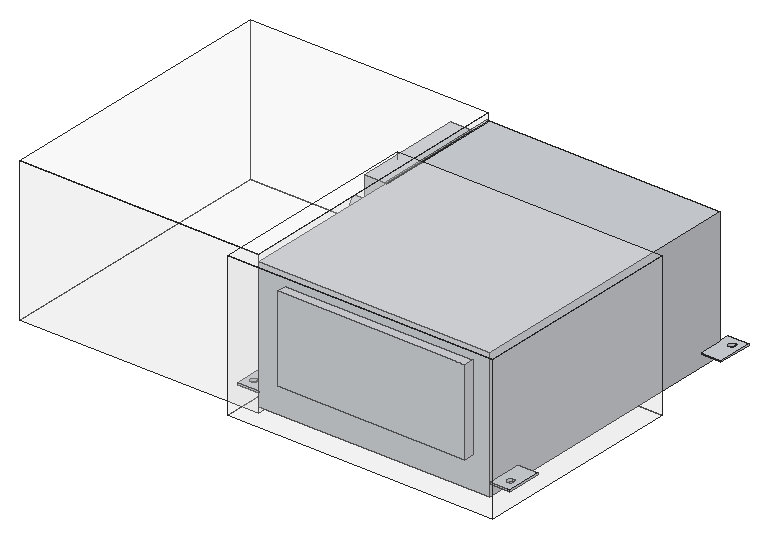
Revit family "pefy-mp45_160m_50Hz", category 機械設備, Revit 2019
Family settings
  丸型コネクタ寸法 = 直径を使用
  パーツ タイプ = 標準
  OmniClass 番号 = 23.75.10.24.21.27.27
  OmniClass タイトル = Split System Air Conditioning Units
  作業面ベース = いいえ
  常に垂直 = はい
  ロード時にボイドで切り取り = いいえ
  共有 = いいえ
  部屋計算ポイント = はい
Parameters (values of type "PEFY-MP45M")
  風量（弱）（m3／min） = 10
  風量（中）（m3／min） = 12
  風量（m3／min） = 14
  風量 = MAX風量  # 840.0 m³/h
  音響パワーレベル（弱）(dB) = 52
  音響パワーレベル（中）(dB) = 57
  音響パワーレベル(dB) = 62
  電源種別 = ""
  電源_H = 0 mm
  電圧_電気ヒーター = 0 V
  電圧 = 200 V
  電動機出力_送風機 = 0.121 kW
  運転質量 = 0.00 kg
  連動 = ""
  質量 = if(製品質量 > 運転質量, 製品質量, 運転質量) * 1.2  # 38.40 kg
  負荷分類 = 3_ファン類
  説明 = "ビル用マルチエアコン　天井埋込形室内機"
  設計暖房能力 = 0.00 kW
  設計冷房能力_顕熱 = 0 kW
  設計冷房能力 = 0 kW
  設置方法 = "天井吊（隠ぺい）形"
  記号 = ""
  製造元 = "三菱電機株式会社"
  製品質量 = 32.00 kg
  製品出荷対象 = "国内"
  製品リリース年月 = "2024/9/30"
  製品グループ = ""
  系統 = ""
  符号 = "ACP_CID"
  積算_科目 = "1 空気調和設備"
  積算_拾い区分 [instance] = ""
  相_電気ヒーター = 1
  相 = 1
  盤記号 = ""
  発停方法 = "付属スイッチ"
  特殊仕様 = ""
  点検口離隔 [instance] = if(点検口離隔入力値 > 200 mm, 200 mm, if(点検口離隔入力値 < 150 mm, 150 mm, 点検口離隔入力値))  # 150 mm
  点検口離隔入力値 [instance] = 150 mm
  点検口設置範囲 = 700 mm
  点検口位置 = 200 mm
  点検口 = yes
  火災停止 = ""
  消費電力_電気ヒーター = 0.00 kW
  消費電力_暖房 = 0.10 kW
  消費電力_加湿器 = 0.00 kW
  消費電力_冷房 = 0.10 kW
  消費電力 = if(消費電力_冷房 > 消費電力_暖房, 消費電力_冷房, 消費電力_暖房) + 消費電力_加湿器 + 消費電力_電気ヒーター  # 0.10 kW
  法定耐用年数 = "15"
  機外静圧 = 100.0 Pa
  極数 = 1
  材質 = ""
  本体マテリアル = none
  有効加湿量 = 0
  暖房能力 = 5.00 kW
  形式_加湿器 = ""
  形式 = "天井吊（隠ぺい）形（両ダクト形）"
  幹線記号 = ""
  始動方式 = "直入"
  呼称 = "室内機_天井吊（隠ぺい）形（両ダクト形）"
  周波数 = 50 Hz
  吊り幅 = if(Depth = 900 mm, 60 mm, 61 mm)  # 60 mm
  吊り位置Y = 814 mm
  吊り位置X = 754 mm
  吊りボルト_H = 41 mm  # constant formula
  台数_手元リモコン = ""
  台数_冷媒分岐ユニット = ""
  参照している仕様書等のバージョン = "公共建築工事標準仕様書（機械設備工事編）平成31年度版"
  加湿給水管径 = 0 mm
  分類コード = "50053003221070"
  分類グループ = ""
  冷房能力 = 4.5 kW
  冷媒高低圧ガス管径 = 0 mm
  冷媒管径符号 = "Ac"
  冷媒管径 = 100 mm
  冷媒液管径 = 6.35 mm
  冷媒液管_縦 = 58 mm
  冷媒液管_横 = 69 mm
  冷媒ガス管径 = 12.7 mm
  冷媒ガス管_縦 = 143 mm
  冷媒ガス管_横 = 187 mm
  企業コード = "108420"
  付属品_フィルター = ""
  付属品 = ""
  仕様書バージョン = "Version1.0"
  モデル = "PEFY-MP45M"
  ドレン管径 = 32 mm
  ドレン管_縦 = 326.5 mm
  ドレン管_横 = 430 mm
  サービススペース = yes
  コメント [instance] = ""
  ケーブル種類 = ""
  ケーブルサイズ = 1.6 mm
  Width = 745 mm
  Version = ""
  Uniclass2015Version = "Systems v1.9"
  Uniclass2015Title = "Split coil remote air cooled condensing units"
  Uniclass2015Code = "Pr_70_65_03_84"
  URL = "https://www.mitsubishielectric.co.jp/ldg/wink/qr/002/335196/"
  SpecificationReference = ""
  SpecificationDescription = ""
  S_H = Height + 20 mm  # 400 mm
  SAサイズ_W = 550 mm
  SAサイズ_D = 250 mm
  Revision = ""
  RAサイズ_W = 600 mm
  RAサイズ_D = 340 mm
  ProductInformation = ""
  OmniClassCode = "23-751024212727"
  MIN風量 = 風量（弱）（m3／min） * 60.0 m³/h  # 600.0 m³/h
  MID風量 = 風量（中）（m3／min） * 60.0 m³/h  # 720.0 m³/h
  MAX風量 = 風量（m3／min） * 60.0 m³/h  # 840.0 m³/h
  IfcTypeProduct = ""
  IfcProduct = ""
  IfcExportType = "AIRCONDITIONINGUNIT"
  IfcExportAs = "IfcUnitaryEquipmentType"
  Height = 380 mm
  Depth = 900 mm
  Clearance Top = 20 mm  # constant formula
  Clearance Right = 50 mm  # constant formula
  Clearance Left = if(Width = 745 mm, 730 mm, if(Width = 1030 mm, 1015 mm, if(Width = 1195 mm, 1180 mm, 1300 mm)))  # 730 mm
  Clearance Front = if(Depth = 900 mm, 575 mm, 650 mm)  # 575 mm
  Clearance Bottom = 20 mm  # constant formula
  Clearance Back = 50 mm  # constant formula
  Author = "三菱電機株式会社"
Types (8, lengths in mm): name | 風量（弱）（m3／min） | 風量（中）（m3／min） | 風量（m3／min） | 風量 | 音響パワーレベル（弱）(dB) | 音響パワーレベル（中）(dB) | 音響パワーレベル(dB) | 電動機出力_送風機 | 質量 | 製品質量 | 消費電力_暖房 | 消費電力_冷房 | 消費電力 | 暖房能力 | 吊り位置X | 冷房能力 | 冷媒管径符号 | 冷媒液管径 | 冷媒ガス管径 | モデル | Width | URL | SAサイズ_W | RAサイズ_W | MIN風量 | MID風量 | MAX風量 | Clearance Left
  PEFY-MP45M | 10 | 12 | 14 | 840.0 m³/h | 52 | 57 | 62 | 0.121 kW | 38.40 kg | 32.00 kg | 0.10 kW | 0.10 kW | 0.10 kW | 5.00 kW | 754 | 4.5 kW | "Ac" | 6.35 | 12.7 | "PEFY-MP45M" | 745 | "https://www.mitsubishielectric.co.jp/ldg/wink/qr/002/335196/" | 550 | 600 | 600.0 m³/h | 720.0 m³/h | 840.0 m³/h | 730
  PEFY-MP56M | 10 | 12 | 14 | 840.0 m³/h | 52 | 57 | 62 | 0.121 kW | 38.40 kg | 32.00 kg | 0.10 kW | 0.10 kW | 0.10 kW | 6.30 kW | 754 | 5.6 kW | "Ac" | 6.35 | 12.7 | "PEFY-MP56M" | 745 | "https://www.mitsubishielectric.co.jp/ldg/wink/qr/002/335197/" | 550 | 600 | 600.0 m³/h | 720.0 m³/h | 840.0 m³/h | 730
  PEFY-MP71M | 13.5 | 16 | 19 | 1140.0 m³/h | 56 | 61 | 66 | 0.121 kW | 38.40 kg | 32.00 kg | 0.15 kW | 0.15 kW | 0.15 kW | 8.00 kW | 754 | 7.1 kW | "Bd" | 9.52 | 15.88 | "PEFY-MP71M" | 745 | "https://www.mitsubishielectric.co.jp/ldg/wink/qr/002/335198/" | 550 | 600 | 810.0 m³/h | 960.0 m³/h | 1140.0 m³/h | 730
  PEFY-MP80M | 15.5 | 18 | 22 | 1320.0 m³/h | 55 | 58 | 64 | 0.244 kW | 51.60 kg | 43.00 kg | 0.15 kW | 0.15 kW | 0.15 kW | 9.00 kW | 1039 | 8 kW | "Bd" | 9.52 | 15.88 | "PEFY-MP80M" | 1030 | "https://www.mitsubishielectric.co.jp/ldg/wink/qr/002/335199/" | 835 | 885 | 930.0 m³/h | 1080.0 m³/h | 1320.0 m³/h | 1015
  PEFY-MP90M | 18 | 21.5 | 25 | 1500.0 m³/h | 55 | 60 | 65 | 0.244 kW | 51.60 kg | 43.00 kg | 0.17 kW | 0.17 kW | 0.17 kW | 10.00 kW | 1039 | 9 kW | "Bd" | 9.52 | 15.88 | "PEFY-MP90M" | 1030 | "https://www.mitsubishielectric.co.jp/ldg/wink/qr/002/335200/" | 835 | 885 | 1080.0 m³/h | 1290.0 m³/h | 1500.0 m³/h | 1015
  PEFY-MP112M | 26.5 | 32 | 38 | 2280.0 m³/h | 60 | 65 | 69 | 0.375 kW | 60.00 kg | 50.00 kg | 0.30 kW | 0.30 kW | 0.30 kW | 12.50 kW | 1204 | 11.2 kW | "Bd" | 9.52 | 15.88 | "PEFY-MP112M" | 1195 | "https://www.mitsubishielectric.co.jp/ldg/wink/qr/002/335201/" | 1000 | 1050 | 1590.0 m³/h | 1920.0 m³/h | 2280.0 m³/h | 1180
  PEFY-MP140M | 28 | 34 | 45.5 | 2730.0 m³/h | 61 | 65 | 73 | 0.375 kW | 60.00 kg | 50.00 kg | 0.41 kW | 0.41 kW | 0.41 kW | 16.00 kW | 1204 | 14 kW | "Bd" | 9.52 | 15.88 | "PEFY-MP140M" | 1195 | "https://www.mitsubishielectric.co.jp/ldg/wink/qr/002/335162/" | 1000 | 1050 | 1680.0 m³/h | 2040.0 m³/h | 2730.0 m³/h | 1180
  PEFY-MP160M | 28 | 34 | 45.5 | 2730.0 m³/h | 62 | 67 | 74 | 0.375 kW | 62.40 kg | 52.00 kg | 0.43 kW | 0.43 kW | 0.43 kW | 18.00 kW | 1204 | 16 kW | "Bd" | 9.52 | 15.88 | "PEFY-MP160M" | 1195 | "https://www.mitsubishielectric.co.jp/ldg/wink/qr/002/335161/" | 1000 | 1050 | 1680.0 m³/h | 2040.0 m³/h | 2730.0 m³/h | 1180
Reference planes
  plane 1 "中心(正面/背面)": y = -138.467
  plane 2: z = 0
  plane 3 "中心(左/右)": x = 140.396
  plane 4: z = 380
  plane 5: z = 400
  plane 6: x = 517.396
  plane 7: x = -236.604
  plane 8: y = -528.467
  plane 9: y = 285.533
  plane 10: y = -588.467
  plane 11: y = 311.533
  plane 12: x = 480.396
  plane 13: x = -264.604
  plane 14: z = -20
  plane 15: x = 540.396
  plane 16: y = -559.467
  plane 17: y = 287.533
  plane 18: y = -135.967
  plane 19: y = -362.467
  plane 20: y = 87.533
  plane 21: x = -199.604
  plane 22: x = -349.604
  plane 23: x = -899.604
  plane 24: z = 400
  plane 25: x = -249.604
  plane 26: y = -609.467
  plane 27: x = 530.396
  plane 28: y = 15.533
Lines and regions (mm)
  symbolic lines, detail levels coarse+medium
    curve 1: line (480.396, 287.533, 0) -> (-199.604, 287.533, 0)
    curve 2: line (480.396, -559.467, 0) -> (480.396, 287.533, 0)
    curve 3: line (-199.604, -559.467, 0) -> (480.396, -559.467, 0)
    curve 4: line (-199.604, 287.533, 0) -> (-199.604, -559.467, 0)
Dimensions and locks
  "S_H": plane 5 to level
  "吊り位置X": plane 6 to plane 7
  "吊り位置Y": plane 9 to plane 8
  equal spacing: plane 11, plane 1 "中心(正面/背面)", plane 10
  "Depth": plane 11 to plane 10
  "Width": plane 12 to plane 13
  "Clearance Bottom": level to plane 14
  locked: plane 8 to plane 10 at 60
  "吊り幅": plane 15 to plane 12
  locked: plane 15 to plane 6 at 23
  "Height": plane 4 to level
  locked: plane 11 to plane 17 at 24
  locked: plane 16 to plane 10 at 29
  locked: plane 20 to plane 19 at 450
  equal spacing: plane 17, plane 18, plane 16
  plane 21 to plane 7 = 37 mm
  "点検口離隔": plane 21 to plane 22
  "点検口設置範囲": plane 21 to plane 23
  "Clearance Top": plane 24 to plane 4
  "Clearance Back": plane 16 to plane 26
  "Clearance Right": plane 21 to plane 25
  "Clearance Front": plane 28 to plane 16
  "Clearance Left": plane 27 to plane 21
  "点検口位置": plane 17 to plane 20
  equal spacing: plane 6, plane 3 "中心(左/右)", plane 7
  equal spacing: plane 12, plane 3 "中心(左/右)", plane 21
  aligned and locked: level to plane 2
  aligned and locked: nested 3 to plane 6
  aligned and locked: nested 3 to plane 7
  aligned and locked: plane 8 to nested 3
  aligned and locked: nested 3 to plane 9
  aligned and locked: nested 4 to plane 3 "中心(左/右)"
  aligned and locked: plane 1 "中心(正面/背面)" to nested 4
  aligned and locked: plane 19 to nested 2
  aligned and locked: plane 20 to nested 2
  aligned and locked: nested 2 to plane 23
  aligned and locked: nested 2 to plane 22
  aligned and locked: plane 24 to nested 1
  aligned and locked: plane 24 to nested 5
  aligned and locked: plane 14 to nested 1
  aligned and locked: plane 14 to nested 5
  aligned and locked: nested 1 to plane 16
  aligned and locked: nested 1 to plane 17
  aligned and locked: nested 1 to plane 23
  aligned and locked: nested 1 to plane 21
  aligned and locked: nested 5 to plane 26
  aligned and locked: nested 5 to plane 28
  aligned and locked: nested 5 to plane 25
  aligned and locked: nested 5 to plane 27
  aligned and locked: curve 1 to nested 4
  aligned and locked: curve 2 to nested 4
  aligned and locked: curve 3 to nested 4
  aligned and locked: curve 4 to nested 1
Nested families
  nested 1: "サービススペース" at (-549.604, -135.967, 190) x (-1, 0, 0) z (0, 0, 1), visible <- "サービススペース", type "サービススペース"
    with Width 700 mm, Height 420 mm, Depth 847 mm
  nested 2: "点検口設置範囲" at (-624.604, -137.467, 0) x (-1, 0, 0) z (0, 0, 1), visible <- "点検口", type "点検口設置範囲"
    with Width 550 mm, Depth 450 mm
  nested 3: "固定点" at (517.396, 285.533, 0) x (-1, 0, 0) z (0, 0, 1), type "固定点"
    with W 754 mm, D 814 mm
  nested 4: "PEFY-MP_M" at (312.896, -138.467, 0) x (0, -1, 0) z (0, 0, 1), type "PEFY-MP_M"
    with 制御ボクス yes, ユニット表示 yes
  nested 5: "サービススペース" at (140.396, -296.967, 190) x (-1, 0, 0) z (0, 0, 1), visible <- "サービススペース", type "サービススペース"
    with Width 780 mm, Height 420 mm, Depth 625 mm
Connectors
  hvac at (155.396, -588.467, 219), driven by "SAサイズ_D", driven by "SAサイズ_W", driven by "機外静圧", driven by "風量"
    settings: on nested 4, index 1, duct flow 840.0 m³/h, flow factor 0, pres drop 100.0 Pa, loss coef 0, conn angle 0.00°, conn width 550 mm, conn height 250 mm, conn diameter 609.6 mm, duct sys type 1, conn prof type 1, flow config 0, flow direction 2, loss method 4, conn ref index -1, conn util no, is conn primary yes, conn desc ""
  hvac at (140.396, 311.533, 186), driven by "RAサイズ_D", driven by "RAサイズ_W", driven by "風量"
    settings: on nested 4, index 2, duct flow 840.0 m³/h, flow factor 0, pres drop 0.0 Pa, loss coef 0, conn angle 0.00°, conn width 600 mm, conn height 340 mm, conn diameter 609.6 mm, duct sys type 2, conn prof type 1, flow config 0, flow direction 1, loss method 4, conn ref index -1, conn util no, is conn primary no, conn desc ""
  piping at (-264.604, -337.967, 172), diameter 100, driven by "冷媒管径", driven by "冷媒管径符号"
    settings: on nested 4, index 3, connector inside diameter 609.6 mm, connector length 0 mm, flow factor 0, pipe flow 0.0 L/s, pressure drop 0.0 Pa, fitting loss kfactor 0, connector angle 0.00°, fixture units 0, engagement length 0 mm, angle of deflection 0.00°, flow configuration 1, flow direction 1, fitting loss method 4, system type 7, joint type 0, gender type 0, connector reference index -1, connector utility 0, adjustable connector no, is connector primary yes, connector description "Ac"
  piping at (-261.604, -129.467, 326.5), diameter 32, driven by "ドレン管径"
    settings: on nested 4, index 4, connector inside diameter 609.6 mm, connector length 0 mm, flow factor 0, pipe flow 0.0 L/s, pressure drop 0.0 Pa, fitting loss kfactor 0, connector angle 0.00°, fixture units 0, engagement length 0 mm, angle of deflection 0.00°, flow configuration 1, flow direction 2, fitting loss method 4, system type 16, joint type 0, gender type 0, connector reference index -1, connector utility 0, adjustable connector no, is connector primary no, connector description ""
  electrical at (-209.604, 117.533, 60), driven by "極数", driven by "負荷分類", driven by "電圧", driven by "消費電力"
    settings: on nested 4, index 5, voltage 200 V, apparent load 100 VA, apparent load phase1 0 VA, apparent load phase2 0 VA, apparent load phase3 0 VA, power factor 1, load classification "3_ファン類", number of poles 1, system type 30, power factor state 1, is connector primary yes, connector utility no, sub classification motor no, connector description ""
  piping at (-219.604, -214.967, 30), diameter 32, driven by "ドレン管径"
    settings: on nested 4, index 6, connector inside diameter 609.6 mm, connector length 0 mm, flow factor 0, pipe flow 0.0 L/s, pressure drop 0.0 Pa, fitting loss kfactor 0, connector angle 0.00°, fixture units 0, engagement length 0 mm, angle of deflection 0.00°, flow configuration 1, flow direction 2, fitting loss method 4, system type 16, joint type 0, gender type 0, connector reference index -1, connector utility 0, adjustable connector no, is connector primary no, connector description ""
Definition of nested family "サービススペース"
  Parameters (values of type "サービススペース")
    Width [instance] = 500 mm
    Height [instance] = 500 mm
    Depth [instance] = 500 mm
  Reference planes
    plane 1 "中心(正面/背面)": y = 0
    plane 2: z = 0
    plane 3 "中心(左/右)": x = 0
    plane 4: y = -250
    plane 5: x = 250
    plane 6: y = 250
    plane 7: x = -250
    plane 8: z = 250
    plane 9: z = -250
  Forms (mm)
    Extrusion 1, solid
      sketch origin (-638.939, 0, 72.39) x (1, 0, 0) y (0, 1, 0)
        loop
          line (388.939, 250) -> (388.939, -250) -> (888.939, -250) -> (888.939, 250) -> (388.939, 250)
      from -322.39 to 177.61
  Lines and regions (mm)
    symbolic lines
      curve 1: line (-250, 0, 250) -> (250, 0, 250)
      curve 2: line (-250, 0, -250) -> (-250, 0, 250)
      curve 3: line (250, 0, -250) -> (-250, 0, -250)
      curve 4: line (250, 0, 250) -> (250, 0, -250)
      curve 5: line (0, -250, 250) -> (0, 250, 250)
      curve 6: line (0, -250, -250) -> (0, -250, 250)
      curve 7: line (0, 250, -250) -> (0, -250, -250)
      curve 8: line (0, 250, 250) -> (0, 250, -250)
      curve 9: line (-250, 250, 0) -> (250, 250, 0)
      curve 10: line (-250, -250, 0) -> (-250, 250, 0)
      curve 11: line (250, -250, 0) -> (-250, -250, 0)
      curve 12: line (250, 250, 0) -> (250, -250, 0)
  Dimensions and locks
    equal spacing: plane 7, plane 3 "中心(左/右)", plane 5
    equal spacing: plane 4, plane 1 "中心(正面/背面)", plane 6
    "Depth": plane 4 to plane 6
    "Width": plane 7 to plane 5
    equal spacing: plane 8, plane 2, plane 9
    "Height": plane 8 to plane 9
    aligned and locked: plane 9 to curve 3
    aligned and locked: plane 7 to curve 2
    aligned and locked: curve 4 to plane 5
    aligned and locked: plane 5 to Extrusion 1
    aligned and locked: Extrusion 1 to plane 7
    aligned and locked: Extrusion 1 to plane 9
    aligned and locked: plane 8 to Extrusion 1
    aligned and locked: plane 9 to curve 7
  Automatic sketch dimensions
    plane 4 to Extrusion 1 sketch curve = 0 mm
    Extrusion 1 sketch curve to plane 7 = 0 mm
    Extrusion 1 sketch curve to plane 5 = 0 mm
    plane 6 to Extrusion 1 sketch curve = 0 mm
    curve 2 to plane 8 = 0 mm
    plane 4 to curve 11 = 0 mm
    curve 11 to plane 7 = 0 mm
    curve 11 to plane 5 = 0 mm
    plane 6 to curve 10 = 0 mm
    curve 7 to plane 4 = 0 mm
    curve 7 to plane 6 = 0 mm
    curve 6 to plane 8 = 0 mm
Definition of nested family "PEFY-MP_M"
  Parameters (values of type "PEFY-MP○○○M")
    配線取出口サイズ = 36 mm
    配線取出口-Z = 60 mm  # constant formula
    配線取出口-Y = 10 mm  # constant formula
    配線取出口-X = 50 mm  # constant formula
    制御ボクス [instance] = and(ユニット表示, 幅さ = 900 mm)  # yes
    冷媒液配管サイズ = 6.35 mm
    y = if(幅さ = 900 mm, 65 mm, 0 mm)  # 65 mm
    e = if(幅さ = 900 mm, 80 mm, 100 mm)  # 80 mm
    d = if(幅さ = 900 mm, 40 mm, 102 mm)  # 40 mm
    R2 = 250 mm
    R1 = if(幅さ = 900 mm, 94 mm, 105 mm)  # 94 mm
    L2 = 340 mm
    L1 = if(幅さ = 900 mm, 16 mm, 20 mm)  # 16 mm
    E = 550 mm
    C = 680 mm
    A = if(奥行き = 745 mm, 800 mm, if(奥行き = 1030 mm, 1085 mm, if(奥行き = 1195 mm, 1250 mm, 1372 mm)))  # 800 mm
    高さ = 380 mm
    奥行き = 745 mm
    吊りボルト_H = 167 mm
    冷媒配管 = 100 mm
    冷媒液管径-Z = 58 mm
    冷媒液管径-X = 69 mm
    冷媒ガス管径-Z = 143 mm
    冷媒ガス管径-X = 187 mm
    ユニット表示 [instance] = yes
    吊りボルトピッチ = 814 mm
    ドレン配管サイズ = 32 mm
    ドレン管径-Z = 326.5 mm
    ドレン管径-Y = 10 mm  # constant formula
    ドレン管径-X = 430 mm
    冷媒ガス配管サイズ = 12.7 mm
    D = 600 mm
    幅さ = 900 mm
    B = 754 mm
  Reference planes
    plane 1 "中心(正面/背面)": y = -172.5
    plane 2: z = 0
    plane 3 "中心(左/右)": x = 0
    plane 4: z = 380
    plane 5: z = -20
    plane 6: x = -450
    plane 7: x = 450
    plane 8: y = -572.5
    plane 9: z = 400
    plane 10: y = 167.5
    plane 11: y = -512.5
    plane 12: x = -426
    plane 13: x = 421
    plane 14: z = 41
    plane 15: z = 36
    plane 16: y = 117.5
    plane 17: y = -432.5
    plane 18: y = 127.5
    plane 19: y = -472.5
    plane 20: y = 204.5
    plane 21: z = 356
    plane 22: z = 16
    plane 23: z = 94
    plane 24: z = 344
    plane 25: y = -577.5
    plane 26: x = -366
    plane 27: x = -306
    plane 28: z = 120
    plane 29: z = 170
    plane 30: y = -517.5
    plane 31: x = -454
    plane 32: x = 390
    plane 33: x = -424
    plane 34: x = -354
    plane 35: x = 321
    plane 36: y = 227.5
    plane 37: y = -549.5
    plane 38: y = -577.5
    plane 39: x = 234
    plane 40: z = 143
    plane 41: x = 165
    plane 42: z = 201
    plane 43: x = 199.5
    plane 44: z = 172
    plane 45: x = -9
    plane 46: x = -50
    plane 47: z = 326.5
    plane 48: x = -256
    plane 49: z = 60
    plane 50: z = 30
    plane 51: x = 76.5
  Forms (mm)
    Extrusion 1, solid, visible <- "ユニット表示", detail levels fine
      sketch origin (0, 0, 0) x (1, 0, 0) y (0, 1, 0)
        loop
          line (-426, 167.5) -> (-426, -512.5) -> (421, -512.5) -> (421, 167.5) -> (-426, 167.5)
      from 0 to 380
    Extrusion 2, solid, visible <- "ユニット表示", detail levels fine
      sketch origin (0, 0, 0) x (1, 0, 0) y (0, 1, 0)
        loop
          line (-450, 127.5) -> (-450, -472.5) -> (-426, -472.5) -> (-426, 127.5) -> (-450, 127.5)
      from 16 to 356
    Extrusion 3, solid, visible <- "ユニット表示", detail levels fine
      sketch origin (0, 0, 0) x (1, 0, 0) y (0, 1, 0)
        loop
          line (450, 117.5) -> (421, 117.5) -> (421, -432.5) -> (450, -432.5) -> (450, 117.5)
      from 94 to 344
    Extrusion 4, solid, visible <- "ユニット表示", detail levels fine
      sketch origin (1480.036, -512.5, 1200) x (1, 0, 0) y (0, 0, 1)
        loop
          line (-1906.036, -820) -> (-1906.036, -1080) -> (-1786.036, -1200) -> (-1530.036, -1200) -> (-1530.036, -820) -> (-1906.036, -820)
      from 0 to 5
    Extrusion 5, solid, visible <- "制御ボクス", detail levels fine
      sketch origin (1480.036, -517.5, 1200) x (1, 0, 0) y (0, 0, 1)
        loop
          line (-1786.036, -1030) -> (-1786.036, -1184) -> (-1530.036, -1184) -> (-1530.036, -820) -> (-1846.036, -820) -> (-1846.036, -1030) -> (-1786.036, -1030)
      from 0 to 60
    Extrusion 6, solid, visible <- "ユニット表示", detail levels fine
      sketch origin (-1437.329, -1524, 36) x (-1, 0, 0) y (0, -1, 0)
        loop
          line (-1083.329, -1751.5) -> (-983.329, -1751.5) -> (-983.329, -1691.5) -> (-1083.329, -1691.5) -> (-1083.329, -1751.5)
        loop
          line (-1758.329, -1751.5) -> (-1758.329, -1691.5) -> (-1858.329, -1691.5) -> (-1858.329, -1751.5) -> (-1758.329, -1751.5)
        loop
          line (-1758.329, -951.5) -> (-1858.329, -951.5) -> (-1858.329, -1011.5) -> (-1758.329, -1011.5) -> (-1758.329, -951.5)
        loop
          line (-983.329, -1011.5) -> (-983.329, -951.5) -> (-1083.329, -951.5) -> (-1083.329, -1011.5) -> (-983.329, -1011.5)
        loop
          circle (-1013.329, -1728.5) r 10
        loop
          circle (-1827.329, -1728.5) r 10
        loop
          circle (-1827.329, -974.5) r 10
        loop
          circle (-1013.329, -974.5) r 10
      from 0 to 5
    Extrusion 7, solid, visible <- "ユニット表示", detail levels fine
      sketch origin (1480.036, -512.5, 1200) x (1, 0, 0) y (0, 0, 1)
        loop
          circle (-1246.036, -1057) r 6.35
      from 0 to 75
    Extrusion 8, solid, visible <- "ユニット表示", detail levels fine
      sketch origin (1480.036, -512.5, 1200) x (1, 0, 0) y (0, 0, 1)
        loop
          circle (-1315.036, -999) r 3.175
      from 0 to 62
    Extrusion 9, solid, visible <- "ユニット表示", detail levels fine
      sketch origin (1480.036, -512.5, 1200) x (1, 0, 0) y (0, 0, 1)
        loop
          circle (-1280.536, -1028) r 50
      from 0 to 65
    Extrusion 10, solid, visible <- "ユニット表示", detail levels fine
      sketch origin (1480.036, -512.5, 1200) x (1, 0, 0) y (0, 0, 1)
        loop
          circle (-1489.036, -873.5) r 16
      from 0 to 62
    Extrusion 11, solid, visible <- "ユニット表示", detail levels fine
      sketch origin (1480.036, -512.5, 1200) x (1, 0, 0) y (0, 0, 1)
        loop
          circle (-1736.036, -1140) r 18
      from 0 to 10
    Extrusion 12, solid, detail levels coarse+medium
      sketch origin (-1437.329, -1524, 36) x (-1, 0, 0) y (0, -1, 0)
        loop
          line (-1858.329, -1691.5) -> (-1011.329, -1691.5) -> (-1011.329, -1011.5) -> (-1858.329, -1011.5) -> (-1858.329, -1691.5)
      from -36 to 344
    Extrusion 13, solid, detail levels fine
      sketch origin (1480.036, -512.5, 1200) x (1, 0, 0) y (0, 0, 1)
        loop
          circle (-1403.536, -1170) r 16
      from 0 to 20
  Dimensions and locks
    locked: level to plane 5 at 20
    equal spacing: plane 6, plane 3 "中心(左/右)", plane 7
    "幅さ": plane 6 to plane 7
    locked: plane 9 to plane 4 at 20
    "高さ": plane 4 to level
    locked: plane 6 to plane 12 at 24
    locked: plane 13 to plane 7 at 29
    locked: plane 14 to level at 41
    locked: plane 14 to plane 15 at 5
    "D": plane 19 to plane 18
    "E": plane 17 to plane 16
    "L1": plane 22 to level
    "R2": plane 24 to plane 23
    "R1": plane 23 to level
    "L2": plane 21 to plane 22
    "e": plane 11 to plane 17
    "d": plane 11 to plane 19
    "奥行き": plane 25 to plane 10
    plane 12 to plane 26 to plane 27 = 60 mm locked, 60 mm locked
    locked: plane 28 to level at 120
    locked: plane 29 to plane 28 at 50
    locked: plane 30 to plane 11 at 5
    locked: plane 31 to plane 6 at 4
    locked: plane 32 to plane 7 at 60
    "吊りボルトピッチ": plane 33 to plane 32
    locked: plane 31 to plane 34 at 100
    locked: plane 35 to plane 13 at 100
    "y": plane 25 to plane 11
    "B": plane 37 to plane 20
    plane 8 to plane 37 = 23 mm
    locked: plane 38 to plane 30 at 60
    "冷媒ガス管径-Z": plane 40 to level
    "冷媒ガス管径-X": plane 39 to plane 13
    "冷媒液管径-X": plane 41 to plane 39
    "冷媒液管径-Z": plane 42 to plane 40
    equal spacing: plane 42, plane 44, plane 40
    equal spacing: plane 41, plane 43, plane 39
    "ドレン管径-X": plane 45 to plane 13
    locked: plane 46 to plane 3 "中心(左/右)" at 50
    "ドレン管径-Z": plane 47 to level
    locked: plane 27 to plane 48 at 50
    "配線取出口-Z": plane 49 to level
    "A": plane 8 to plane 36
    equal spacing: plane 11, plane 1 "中心(正面/背面)", plane 10
    equal spacing: plane 8, plane 1 "中心(正面/背面)", plane 36
    equal spacing: plane 37, plane 1 "中心(正面/背面)", plane 20
    plane 50 to Extrusion 12 = 30 mm
    plane 51 to Extrusion 12 = 344.5 mm
    diameter of Extrusion 6 sketch curve = 20 mm  (x4)
    "冷媒ガス配管サイズ": diameter of Extrusion 7 sketch curve
    "冷媒液配管サイズ": diameter of Extrusion 8 sketch curve
    "冷媒配管": diameter of Extrusion 9 sketch curve
    "ドレン配管サイズ": diameter of Extrusion 10 sketch curve
    "配線取出口サイズ": diameter of Extrusion 11 sketch curve
    diameter of Extrusion 13 sketch curve = 32 mm
    aligned and locked: level to plane 2
    aligned and locked: plane 10 to Extrusion 1 sketch curve
    aligned and locked: plane 12 to Extrusion 1 sketch curve
    aligned and locked: Extrusion 1 sketch curve to plane 11
    aligned and locked: Extrusion 1 sketch curve to plane 13
    aligned and locked: Extrusion 1 to level
    aligned and locked: plane 4 to Extrusion 1
    aligned and locked: plane 18 to Extrusion 2 sketch curve
    aligned and locked: Extrusion 2 sketch curve to plane 19
    aligned and locked: Extrusion 2 sketch curve to plane 12
    aligned and locked: plane 6 to Extrusion 2 sketch curve
    aligned and locked: Extrusion 2 to plane 22
    aligned and locked: plane 21 to Extrusion 2
    aligned and locked: Extrusion 3 sketch curve to plane 16
    aligned and locked: plane 17 to Extrusion 3 sketch curve
    aligned and locked: Extrusion 3 sketch curve to plane 13
    aligned and locked: plane 7 to Extrusion 3 sketch curve
    aligned and locked: Extrusion 3 to plane 23
    aligned and locked: plane 24 to Extrusion 3
    aligned and locked: Extrusion 4 sketch curve to plane 4
    aligned and locked: Extrusion 4 sketch curve to plane 12
    aligned and locked: Extrusion 4 sketch curve to level
    aligned and locked: Extrusion 4 to plane 11
    aligned and locked: plane 30 to Extrusion 4
    aligned and locked: Extrusion 5 sketch curve to plane 27
    aligned and locked: Extrusion 5 sketch curve to plane 29
    aligned and locked: Extrusion 5 sketch curve to plane 26
    aligned and locked: Extrusion 5 sketch curve to plane 4
    aligned and locked: Extrusion 5 sketch curve to plane 22
    aligned and locked: Extrusion 5 to plane 30
    aligned and locked: Extrusion 6 sketch curve to plane 36
    aligned and locked: plane 34 to Extrusion 6 sketch curve
    aligned and locked: plane 10 to Extrusion 6 sketch curve
    aligned and locked: Extrusion 6 sketch curve to plane 31
    aligned and locked: plane 36 to Extrusion 6 sketch curve
    aligned and locked: plane 35 to Extrusion 6 sketch curve
    aligned and locked: Extrusion 6 sketch curve to Extrusion 1  (x4)
    aligned and locked: plane 8 to Extrusion 6 sketch curve
    aligned and locked: Extrusion 6 sketch curve to plane 35
    aligned and locked: plane 11 to Extrusion 6 sketch curve
    aligned and locked: plane 31 to Extrusion 6 sketch curve
    aligned and locked: Extrusion 6 sketch curve to plane 8
    aligned and locked: Extrusion 6 sketch curve to plane 34
    aligned and locked: plane 37 to Extrusion 6 sketch curve  (x2)
    aligned and locked: plane 33 to Extrusion 6 sketch curve  (x2)
    aligned and locked: plane 32 to Extrusion 6 sketch curve  (x2)
    aligned and locked: plane 20 to Extrusion 6 sketch curve  (x2)
    aligned and locked: Extrusion 6 to plane 15
    aligned and locked: plane 14 to Extrusion 6
    aligned and locked: plane 38 to Extrusion 5
    aligned and locked: plane 40 to Extrusion 7 sketch curve
    aligned and locked: plane 39 to Extrusion 7 sketch curve
    aligned and locked: Extrusion 7 to plane 11
    aligned and locked: plane 42 to Extrusion 8 sketch curve
    aligned and locked: plane 41 to Extrusion 8 sketch curve
    aligned and locked: Extrusion 8 to plane 11
    aligned and locked: Extrusion 9 to plane 11
    aligned and locked: Extrusion 5 sketch curve to plane 46
    aligned and locked: Extrusion 4 sketch curve to plane 46
    aligned and locked: plane 47 to Extrusion 10 sketch curve
    aligned and locked: plane 45 to Extrusion 10 sketch curve
    aligned and locked: Extrusion 10 to plane 11
    aligned and locked: plane 49 to Extrusion 11 sketch curve
    aligned and locked: plane 48 to Extrusion 11 sketch curve
    aligned and locked: Extrusion 11 to plane 11
    aligned and locked: plane 44 to Extrusion 9 sketch curve
    aligned and locked: plane 43 to Extrusion 9 sketch curve
    aligned and locked: Extrusion 12 sketch curve to Extrusion 1  (x4)
    aligned and locked: Extrusion 12 to Extrusion 1  (x2)
  Automatic sketch dimensions
    Extrusion 4 sketch curve to plane 27 = 0 mm
    Extrusion 4 sketch curve to plane 28 = 0 mm
    Extrusion 13 sketch curve to plane 50 = 0 mm
    plane 51 to Extrusion 13 sketch curve = 0 mm
Definition of nested family "点検口設置範囲"
  Parameters (values of type "点検口設置範囲")
    Width [instance] = 1000 mm
    Depth [instance] = 700 mm
  Reference planes
    plane 1 "中心(正面/背面)": y = 0
    plane 2: z = 0
    plane 3 "中心(左/右)": x = 0
    plane 4: x = -500
    plane 5: x = 500
    plane 6: y = -350
    plane 7: y = 350
  Lines and regions (mm)
    model lines
      curve 1: line (-500, 350, 0) -> (500, 350, 0)
      curve 2: line (-500, -350, 0) -> (-500, 350, 0)
      curve 3: line (500, -350, 0) -> (-500, -350, 0)
      curve 4: line (500, 350, 0) -> (500, -350, 0)
  Dimensions and locks
    "Depth": plane 7 to plane 6
    "Width": plane 4 to plane 5
    equal spacing: plane 7, plane 1 "中心(正面/背面)", plane 6
    equal spacing: plane 4, plane 3 "中心(左/右)", plane 5
    aligned and locked: level to plane 2
    aligned and locked: plane 4 to curve 2
    aligned and locked: curve 1 to plane 7
    aligned and locked: curve 4 to plane 5
    aligned and locked: plane 6 to curve 3
Definition of nested family "固定点"
  Parameters (values of type "固定点")
    中心円 = 20 mm
    W [instance] = 1000 mm
    D [instance] = 1000 mm
  Reference planes
    plane 1 "中心(正面/背面)": y = 0
    plane 2: z = 0
    plane 3 "中心(左/右)": x = 0
    plane 4: x = 1000
    plane 5: y = 1000
  Lines and regions (mm)
    symbolic lines, detail levels fine
      curve 1: circle (0, 1000, 0) r 10 normal (0, 0, 1)
      curve 2: circle (0, 0, 0) r 10 normal (0, 0, 1)
      curve 3: circle (1000, 1000, 0) r 10 normal (0, 0, 1)
      curve 4: circle (1000, 0, 0) r 10 normal (0, 0, 1)
      curve 5: line (-200, 1000, 0) -> (1200, 1000, 0)
      curve 6: line (-200, 0, 0) -> (1200, 0, 0)
      curve 7: line (0, 1200, 0) -> (0, -200, 0)
      curve 8: line (1000, 1200, 0) -> (1000, -200, 0)
  Dimensions and locks
    "W": plane 3 "中心(左/右)" to plane 4
    "D": plane 1 "中心(正面/背面)" to plane 5
    "中心円": diameter of curve 1
    "中心円": diameter of curve 2
    "中心円": diameter of curve 3
    "中心円": diameter of curve 4
    aligned and locked: level to plane 2
    aligned and locked: plane 5 to curve 1
    aligned and locked: plane 3 "中心(左/右)" to curve 1
    aligned and locked: plane 3 "中心(左/右)" to curve 2
    aligned and locked: plane 1 "中心(正面/背面)" to curve 2
    aligned and locked: plane 4 to curve 3
    aligned and locked: plane 5 to curve 3
    aligned and locked: plane 1 "中心(正面/背面)" to curve 4
    aligned and locked: plane 4 to curve 4
    aligned and locked: plane 1 "中心(正面/背面)" to curve 6
    aligned and locked: curve 7 to plane 3 "中心(左/右)"
    aligned and locked: curve 8 to plane 4
  Automatic sketch dimensions
    curve 5 to plane 5 = 0 mm
    curve 6 to plane 3 "中心(左/右)" = 200 mm
    curve 5 to plane 3 "中心(左/右)" = 200 mm
    curve 4 to curve 6 = 200 mm
    curve 3 to curve 5 = 200 mm
    plane 1 "中心(正面/背面)" to curve 8 = 200 mm
    plane 1 "中心(正面/背面)" to curve 7 = 200 mm
    curve 3 to curve 8 = 200 mm
    curve 1 to curve 7 = 200 mm
